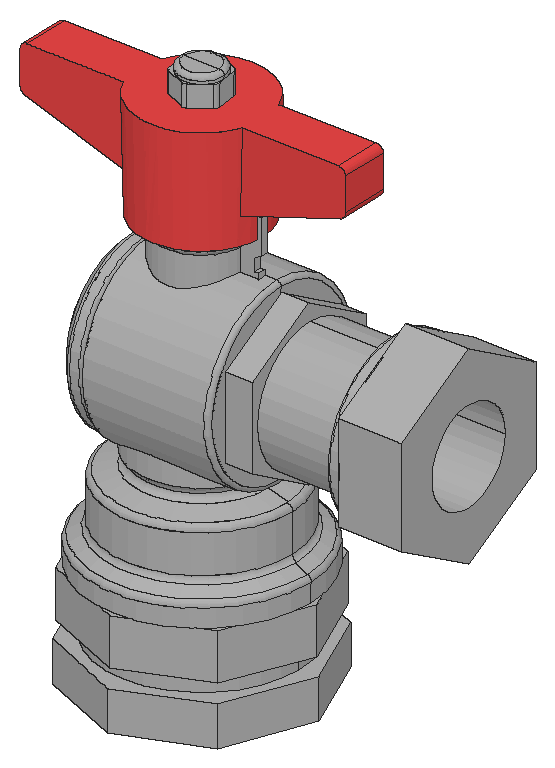
Revit family "QD40500000", category Apparecchi idraulici, Revit 2016
Family settings
  Tipo di parte = Normale
  Quota connettore circolare = Usa diametro
  Numero OmniClass = 23.45.00.00
  Titolo OmniClass = Sanitary, Laundry, and Cleaning Equipment
  Basato su piano di lavoro = No
  Sempre verticale = Sì
  Taglio con vuoti quando caricato = No
  Condiviso = No
  Punto di calcolo locali = No
Parameters
  URL = "https://web.cimberio.it/index.php/figura/283?subcategoria_id=43550"
  Produttore = "CIMBERIO SPA"
  Modello = "Cim 284NR"
  DN Model [instance] = QD40503163 : QD40503163
  DN [instance] = 20 mm
Reference planes
  plane 1 "Centro (Fronte/Retro)": y = 0
  plane 2: z = 0
  plane 3 "Centro (Sinistra/Destra)": x = 0
Dimensions and locks
  aligned and locked: level to plane 2
Nested families
  nested 1: "QD40503163" at (0, 0, 0), type <- "DN Model", type "QD40503163"
  nested 2: "QD40503163" at (0, 0, 0), type <- "DN Model", type "QD40503163"
  nested 3: "QD40503163" at (0, 0, 0), type <- "DN Model", type "QD40503163"
Connectors
  piping at (57.385, 0, 0), diameter 20, driven by "DN"
    settings: on nested 1, index 1, connector inside diameter 609.6 mm, connector length 0 mm, flow factor 0, pipe flow 0.0 L/s, pressure drop 0.0 Pa, fitting loss kfactor 0, connector angle 0.00°, fixture units 0, engagement length 0 mm, angle of deflection 0.00°, flow configuration 0, flow direction 0, fitting loss method 0, system type 7, joint type 0, gender type 0, connector reference index -1, connector utility 0, adjustable connector no, is connector primary yes, connector description ""
  piping at (0, 0, -62.271), diameter 20, driven by "DN"
    settings: on nested 1, index 2, connector inside diameter 609.6 mm, connector length 0 mm, flow factor 0, pipe flow 0.0 L/s, pressure drop 0.0 Pa, fitting loss kfactor 0, connector angle 0.00°, fixture units 0, engagement length 0 mm, angle of deflection 0.00°, flow configuration 0, flow direction 0, fitting loss method 0, system type 7, joint type 0, gender type 0, connector reference index -1, connector utility 0, adjustable connector no, is connector primary no, connector description ""
Definition of nested family "QD40503163"
  Parameters (values of type "QD40503163")
    Model = ""
  Reference planes
    plane 1 "Centro (Fronte/Retro)": y = 0
    plane 2: z = 0
    plane 3 "Centro (Sinistra/Destra)": x = 0
  Forms (mm)
    Revolve 1, solid
      sketch origin (0, 0, 0) x (1, 0, 0) y (0, 0, 1)
        loop
          line (-16.015, 10) -> (17.085, 10) -> (17.085, 18.5)
          arc (17.085, 18.5) -> (16.792, 19.207) -> (16.085, 19.5) r 1
          line (16.085, 19.5) -> (-9.929, 19.5)
          arc (-9.929, 19.5) -> (-10.629, 18.947) -> (-11.499, 18.75) r 2.018
          line (-11.499, 18.75) -> (-13.351, 18.75)
          arc (-13.351, 18.75) -> (-13.733, 18.674) -> (-14.058, 18.457) r 1
          line (-14.058, 18.457) -> (-15.722, 16.793)
          arc (-15.722, 16.793) -> (-15.939, 16.468) -> (-16.015, 16.086) r 1
          line (-16.015, 16.086) -> (-16.015, 10)
        axis (-16.015, 0) -> (17.085, 0)
      angle from 0 to 360
    Revolve 2, solid
      sketch origin (0, 0, 0) x (1, 0, 0) y (0, 0, 1)
        loop
          line (23.007, 14) -> (23.007, 10) -> (41.44, 10) -> (41.44, 14) -> (23.007, 14)
        axis (23.007, 0) -> (41.44, 0)
      angle from 0 to 360
    Revolve 3, solid
      sketch origin (10.585, 0, 0) x (1, 0, 0) y (0, 0, 1)
        loop
          arc (31.3, 18) -> (30.946, 17.854) -> (30.8, 17.5) r 0.5
          line (30.8, 17.5) -> (30.8, 10) -> (33.324, 10) -> (33.324, 18) -> (31.3, 18)
        axis (30.8, 0) -> (33.324, 0)
      angle from 0 to 360
    Revolve 4, solid
      sketch origin (0, 0, 0) x (1, 0, 0) y (0, 0, 1)
        loop
          arc (-18.5, -22.48) -> (-19.225, -23.027) -> (-19.5, -23.893) r 1.496
          line (-19.5, -23.893) -> (-19.5, -32.133)
          arc (-19.5, -32.133) -> (-19.701, -32.883) -> (-20.25, -33.433) r 1.5
          line (-20.25, -33.433) -> (-22.75, -34.876)
          arc (-22.75, -34.876) -> (-23.299, -35.426) -> (-23.5, -36.177) r 1.5
          line (-23.5, -36.177) -> (-23.5, -40) -> (-10, -40) -> (-10, -6.076) -> (-14.058, -6.076) -> (-14.058, -18.465)
          arc (-14.058, -18.465) -> (-13.436, -19.081) -> (-13.015, -19.849) r 3.05
          arc (-13.015, -19.849) -> (-13.325, -20.762) -> (-14.127, -21.298) r 1.5
          line (-14.127, -21.298) -> (-18.403, -22.444)
        axis (0, -6.076) -> (0, -40)
      angle from 0 to 360
    Revolve 5, solid
      sketch origin (0, 0, 0) x (1, 0, 0) y (0, 0, 1)
        loop
          line (-21, -53.771) -> (-10, -53.771) -> (-10, -50) -> (-21, -50) -> (-21, -53.771)
        axis (0, -50) -> (0, -53.771)
      angle from 0 to 360
    Revolve 6, solid
      sketch origin (0, 0, 0) x (1, 0, 0) y (0, 0, 1)
        loop
          line (5, 31.3) -> (5, 15.282) -> (9.381, 15.282) -> (9.381, 24)
          arc (9.381, 24) -> (9.751, 24.365) -> (9.887, 24.866) r 0.994
          line (9.887, 24.866) -> (9.887, 31.3) -> (5, 31.3)
        axis (0, 31.3) -> (0, 15.282)
      angle from 0 to 360
    Revolve 7, solid
      sketch origin (0, 0, 0) x (1, 0, 0) y (0, 0, 1)
        loop
          line (-1.75, 26.8) -> (-1.75, 32.8) -> (0, 32.8) -> (0, 49.8) -> (-13.579, 49.8) -> (-13.134, 26.8) -> (-1.75, 26.8)
        axis (0, 49.8) -> (0, 26.8)
      angle from 0 to 360
    Revolve 8, solid
      sketch origin (0, 0, 0) x (1, 0, 0) y (0, 0, 1)
        loop
          line (0, 55.8) -> (0, 53.928) -> (4.75, 53.928) -> (4.75, 54.8)
          arc (4.75, 54.8) -> (4.456, 55.508) -> (3.748, 55.8) r 1
          line (3.748, 55.8) -> (0, 55.8)
        axis (0, 55.8) -> (0, 53.928)
      angle from 0 to 360
    Extrusion 9, solid
      sketch origin (0, 0, 0) x (1, 0, 0) y (0, 0, 1)
        loop
          arc (-33.5, 49.8) -> (-34.561, 49.361) -> (-35, 48.3) r 1.5
          line (-35, 48.3) -> (-35, 41.227)
          arc (-35, 41.227) -> (-34.714, 40.345) -> (-33.964, 39.8) r 1.5
          line (-33.964, 39.8) -> (-10.874, 32.298) -> (-10.874, 49.8) -> (-33.5, 49.8)
        loop
          line (33.5, 49.8) -> (10.874, 49.8) -> (10.874, 32.298) -> (33.964, 39.8)
          arc (33.964, 39.8) -> (34.714, 40.345) -> (35, 41.227) r 1.5
          line (35, 41.227) -> (35, 48.3)
          arc (35, 48.3) -> (34.561, 49.361) -> (33.5, 49.8) r 1.5
      from -5 to 5
    Extrusion 10, solid
      sketch origin (0, 0, 28.55) x (1, 0, 0) y (0, 1, 0)
        loop
          line (-1.146, 5.373) -> (-4.802, 2.675)
          arc (-4.802, 2.675) -> (-5.145, 2.245) -> (-5.227, 1.701) r 1.063
          line (-5.227, 1.701) -> (-4.719, -2.806)
          arc (-4.719, -2.806) -> (-4.514, -3.33) -> (-4.073, -3.682) r 1.088
          line (-4.073, -3.682) -> (0.09, -5.499)
          arc (0.09, -5.499) -> (0.628, -5.58) -> (1.134, -5.381) r 1.051
          line (1.134, -5.381) -> (4.803, -2.674)
          arc (4.803, -2.674) -> (5.145, -2.245) -> (5.227, -1.703) r 1.06
          line (5.227, -1.703) -> (4.717, 2.823)
          arc (4.717, 2.823) -> (4.517, 3.333) -> (4.089, 3.675) r 1.058
          line (4.089, 3.675) -> (-0.077, 5.493)
          arc (-0.077, 5.493) -> (-0.628, 5.576) -> (-1.146, 5.373) r 1.076
      from 21.25 to 25.75
    Extrusion 11, solid
      sketch origin (0, 0, 0) x (1, 0, 0) y (0, 0, 1)
        loop
          line (14, 31.3) -> (8.237, 31.3) -> (8.237, 18.694) -> (13.5, 18.694) -> (13.5, 20.5) -> (12.5, 20.5) -> (12.5, 23.134) -> (14, 24) -> (14, 31.3)
      from 0 to 1.41
    Extrusion 12, solid
      sketch origin (0, 0, 0) x (0, 1, 0) y (0, 0, 1)
        loop
          circle (0, 0) r 10
        loop
          line (0, 20.75) -> (-17.97, 10.375) -> (-17.97, -10.375) -> (0, -20.75) -> (17.97, -10.375) -> (17.97, 10.375) -> (0, 20.75)
      from 43.909 to 57.385
    Extrusion 13, solid
      sketch origin (0, 0, 28.55) x (1, 0, 0) y (0, 1, 0)
        loop
          circle (0, 0) r 10
        loop
          line (0, 24.7) -> (-17.466, 17.466) -> (-24.7, 0) -> (-17.466, -17.466) -> (0, -24.7) -> (17.466, -17.466) -> (24.7, 0) -> (17.466, 17.466) -> (0, 24.7)
      from -78.55 to -68.55
    Extrusion 14, solid
      sketch origin (0, 0, 28.55) x (1, 0, 0) y (0, 1, 0)
        loop
          circle (0, 0) r 10
        loop
          line (0, 25.2) -> (-17.819, 17.819) -> (-25.2, 0) -> (-17.819, -17.819) -> (0, -25.2) -> (17.819, -17.819) -> (25.2, 0) -> (17.819, 17.819) -> (0, 25.2)
      from -90.821 to -82.321
    Extrusion 15, solid
      sketch origin (0, 0, 0) x (0, 1, 0) y (0, 0, 1)
        loop
          circle (0, 0) r 10
        loop
          line (0, 17.5) -> (-15.155, 8.75) -> (-15.155, -8.75) -> (0, -17.5) -> (15.155, -8.75) -> (15.155, 8.75) -> (0, 17.5)
      from 17.085 to 23.085
    Revolve 16, solid
      sketch origin (0, 0, 0) x (1, 0, 0) y (0, 0, 1)
        loop
          line (-16.98, 12.466) -> (-18.099, 12.427)
          arc (-18.099, 12.427) -> (-18.765, 12.141) -> (-19.063, 11.48) r 1
          line (-19.063, 11.48) -> (-19.665, 0) -> (-16.015, 0) -> (-16.015, 13.466)
          arc (-16.015, 13.466) -> (-16.296, 12.771) -> (-16.98, 12.466) r 1
        axis (-19.665, 0) -> (-16.015, 0)
      angle from 0 to 360
  Cuts and joins
    joined: Revolve 7, Extrusion 9
  Dimensions and locks
    aligned and locked: level to plane 2
